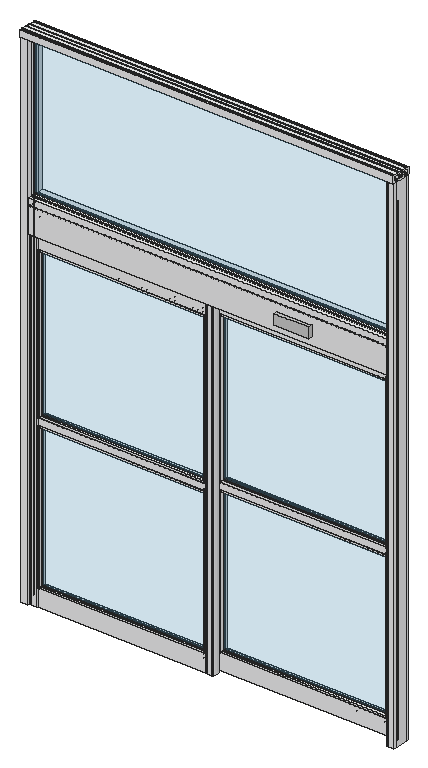
Revit family "2-5-5_Sliding-Door_TX9200SL_Single-RH-Outside-Slide-w-Transom-SX-O_Tormax", category Doors, host Wall, Revit 2026
Family settings
  Host = Wall
  Classification Number = 23.30.10.00
  Always vertical = Yes
  Cut with Voids When Loaded = No
  Shared = No
  Room Calculation Point = No
Parameters (values of type "8'-0" Package Width")
  Width = 8' - 0"
  URL = "https://www.tormaxusa.com"
  Thickness = 0' - 4 1/2"  # constant formula
  Specification = "https://www.arcat.com/company/tormax-usa-inc-43969/spec"
  Rough Width = Width + 0' 0 1/2"  # 8' - 0 1/2"
  Rough Height = Height + 0' 0 1/4"  # 11' - 0 1/4"
  Product Page URL = "https://www.arcat.com/arcatcos/cos43/arc43969.html"
  Model = "TX9200SL"
  Manufacturer = "Tormax"
  Keynote = "08 42 29"
  Height = 11' - 0"  # constant formula
  Glass = Glass - Tormax
  Frame Projection Ext. = 0' - 0"
  Frame Projection Int. = 0' - 0"
  Frame Width = 0' - 0"
  Wall Closure = By host
  Door Width = Width / 2 - 0' 1 3/4" + 0' 1 5/16"  # 3' - 11 9/16"
  Door Height = Height  # 11' - 0"
  Frame Material = Aluminum - Tormax
  Description = "Single RH Outside Slide Application w/ Transom (SX-O), 8'-0\" Package Width"
  Define Thermal Properties by = Schematic Type
  Copyright = "ARCAT"
  CAD Details = "https://www.arcat.com/company/tormax-usa-inc-43969/cad"
  Analytic Construction = "<None>"
Reference planes (in)
  plane 1 "Center (Front/Back)": y = 0
  plane 2 "Center (Left/Right)": x = 0
  plane 3 "Left": x = -48.25
  plane 4 "Right": x = 48.25
  plane 5 "Top": z = 132.25
  plane 6 "Exterior": y = 3
  plane 7 "Interior": y = -3
  plane 8: x = -1.3125
  plane 9: x = 1.3125
  plane 10: y = -2.25
  plane 11 "4": z = 85.5
  plane 12: x = -48
  plane 13: x = 48
  plane 14: z = 132
  plane 15: y = 2.25
  plane 16: x = -46.24908
  plane 17: x = 46.24908
  plane 18: y = 1.433
  plane 19: y = -0.84
  plane 20: x = 22.46829
  plane 21: z = 92
  plane 22: z = 130.1875
Forms (in)
  Extrusion 1, solid, material "Plastic - Tormax - Grey"
    sketch origin (0, 0, 0) x (1, 0, 0) y (0, 0, 1)
      loop
        line (17.96829, 90.055) -> (17.96829, 87.445) -> (26.96829, 87.445) -> (26.96829, 90.055) -> (17.96829, 90.055)
    from 2.23457 to 3.23457
  Extrusion 2, solid, material "Plastic - Tormax - Grey"
    sketch origin (0, 0, 0) x (1, 0, 0) y (0, 0, 1)
      loop
        line (17.96829, 90.055) -> (17.96829, 87.445) -> (26.96829, 87.445) -> (26.96829, 90.055) -> (17.96829, 90.055)
    from -3.23036 to -2.23036
  Sweep 3, solid, material "Aluminum - Tormax" <- "Frame Material"
    path origin (0, 0, 0) x (1, 0, 0) y (0, 0, 1)
      loop
        line (-46.24908, 85.5) -> (46.24908, 85.5)
    profile origin (0, 0, 85.5) x (0, 0, 1) y (0, -1, 0)
      loop
        line (5.77619, -2.07466) -> (5.99221, -2.07466) -> (5.99221, -1.99751) -> (5.93513, -1.99751)
        arc (5.93513, -1.99751) -> (5.89217, -1.97971) -> (5.87438, -1.93675) r 0.06075
        line (5.87438, -1.93675) -> (5.87438, -1.35631) -> (6.14932, -1.35631) -> (6.14932, -1.4827) -> (6.22817, -1.4827)
        arc (6.22817, -1.4827) -> (6.39719, -1.79317) -> (6.34244, -2.14241) r 0.55026
        line (6.34244, -2.14241) -> (6.29099, -2.1562) -> (6.29099, -1.87738) -> (5.93246, -1.87738)
        arc (5.93246, -1.87738) -> (5.88314, -1.9267) -> (5.93246, -1.97602) r 0.04932
        line (5.93246, -1.97602) -> (6.03008, -1.97602) -> (6.03008, -2.10552) -> (0.40539, -2.10552) -> (0.40539, -1.68048) -> (0.28141, -1.68048) -> (0.28141, -2.23036) -> (6.5, -2.23036) -> (6.5, 1.72592) -> (6.37515, 1.85076) -> (6.37515, 2.08622)
        arc (6.37515, 2.08622) -> (6.39129, 2.10725) -> (6.41577, 2.09711) r 0.02177
        line (6.41577, 2.09711) -> (6.47243, 1.99896)
        arc (6.47243, 1.99896) -> (6.48905, 1.99208) -> (6.5, 2.00635) r 0.01477
        line (6.5, 2.00635) -> (6.5, 2.23457) -> (0, 2.23457) -> (0, -0.04489) -> (-0.21462, -0.04489) -> (-0.21462, -0.08837) -> (-0.15431, -0.08837) -> (-0.15431, -0.15851) -> (-0.48395, -0.15851) -> (-0.48395, -0.08837) -> (-0.42504, -0.08837) -> (-0.42504, -0.04489) -> (-0.62422, -0.04489) -> (-0.62422, -0.45028) -> (-0.42504, -0.45028) -> (-0.42504, -0.4068) -> (-0.48395, -0.4068) -> (-0.48395, -0.33666) -> (-0.15431, -0.33666) -> (-0.15431, -0.4068) -> (-0.21462, -0.4068) -> (-0.21462, -0.45028) -> (-0.01964, -0.45028) -> (-0.01964, -0.28897) -> (0.23145, -0.28897) -> (0.23145, -0.84785) -> (0.34867, -1.03258)
        arc (0.34867, -1.03258) -> (0.36443, -1.03854) -> (0.37455, -1.02507) r 0.01403
        line (0.37455, -1.02507) -> (0.37455, -0.21669)
        arc (0.37455, -0.21669) -> (0.40392, -0.14579) -> (0.47481, -0.11643) r 0.10026
        line (0.47481, -0.11643) -> (0.59196, -0.11643) -> (0.59196, -0.23145) -> (0.89635, -0.23145) -> (0.89635, -0.1529) -> (0.76309, -0.1529) -> (0.76309, -0.01262) -> (0.8697, -0.01262) -> (0.8697, 0.06867) -> (1.19934, 0.06867) -> (1.19934, -0.01262) -> (1.30595, -0.01262) -> (1.30595, -0.1529) -> (1.17269, -0.1529) -> (1.17269, -0.23145) -> (1.36206, -0.23145) -> (1.43332, -0.07864)
        arc (1.43332, -0.07864) -> (1.6158, 0.06179) -> (1.83569, -0.00654) r 0.25
        line (1.83569, -0.00654) -> (1.96422, -0.13365)
        arc (1.96422, -0.13365) -> (1.99627, -0.15695) -> (2.0338, -0.16963) r 0.13141
        line (2.0338, -0.16963) -> (2.11423, -0.18382)
        arc (2.11423, -0.18382) -> (2.2005, -0.23362) -> (2.23457, -0.32723) r 0.14562
        line (2.23457, -0.32723) -> (2.23457, -0.9202) -> (2.38466, -0.9202) -> (2.38466, 0.06733) -> (2.28156, 0.17043) -> (2.22615, 0.11502) -> (2.32086, 0.02032) -> (2.22127, -0.07928) -> (2.14619, -0.00421) -> (2.08868, -0.06172) -> (1.85512, 0.17184) -> (1.91264, 0.22935) -> (1.83689, 0.3051) -> (1.93648, 0.40469) -> (2.03117, 0.31001) -> (2.08658, 0.36541) -> (1.83128, 0.62071) -> (1.9456, 0.73504) -> (1.9456, 1.35354) -> (1.75483, 1.53331) -> (1.75483, 2.06344) -> (5.84651, 2.06344)
        arc (5.84651, 2.06344) -> (5.93664, 2.02611) -> (5.97397, 1.93598) r 0.12746
        line (5.97397, 1.93598) -> (5.97397, 1.7394) -> (6.05393, 1.7394) -> (6.05393, 1.87407) -> (6.1928, 1.87407) -> (6.1928, 1.76475) -> (6.24189, 1.76475) -> (6.24189, 1.43623) -> (6.1928, 1.43623) -> (6.1928, 1.3298) -> (6.05393, 1.3298) -> (6.05393, 1.46306) -> (5.97397, 1.46306) -> (5.97397, 1.25125) -> (6.27276, 1.25125) -> (6.27276, 1.32981)
        arc (6.27276, 1.32981) -> (6.30151, 1.35856) -> (6.33027, 1.32981) r 0.02876
        line (6.33027, 1.32981) -> (6.33027, 0.99434)
        arc (6.33027, 0.99434) -> (6.30151, 0.96559) -> (6.27276, 0.99434) r 0.02876
        line (6.27276, 0.99434) -> (6.27276, 1.0731) -> (5.97397, 1.0731) -> (5.97397, 0.85988) -> (6.05393, 0.85988) -> (6.05393, 0.99314) -> (6.1928, 0.99314) -> (6.1928, 0.88653) -> (6.33027, 0.88653) -> (6.33027, 0.55689) -> (6.1928, 0.55689) -> (6.1928, 0.45028) -> (6.05393, 0.45028) -> (6.05393, 0.58354) -> (5.97397, 0.58354) -> (5.97397, 0.37032) -> (6.27276, 0.37032) -> (6.27276, 0.44908)
        arc (6.27276, 0.44908) -> (6.30151, 0.47783) -> (6.33027, 0.44908) r 0.02876
        line (6.33027, 0.44908) -> (6.33027, 0.11503)
        arc (6.33027, 0.11503) -> (6.30151, 0.08627) -> (6.27276, 0.11503) r 0.02876
        line (6.27276, 0.11503) -> (6.27276, 0.19378) -> (5.97397, 0.19378) -> (5.97397, -0.01944) -> (6.05393, -0.01944) -> (6.05393, 0.11382) -> (6.1928, 0.11382) -> (6.1928, 0.00721) -> (6.33027, 0.00721) -> (6.33027, -0.32403) -> (6.1928, -0.32403) -> (6.1928, -0.42995) -> (6.05393, -0.42995) -> (6.05393, -0.29669) -> (5.97397, -0.29669) -> (5.97397, -0.53164) -> (6.03429, -0.53164) -> (6.03429, -0.64246) -> (6.11284, -0.64246) -> (6.11284, -0.53164) -> (6.25171, -0.53164) -> (6.25171, -1.15867) -> (6.06795, -1.15867) -> (6.03942, -1.11939) -> (5.97397, -1.11939) -> (5.97397, -1.1664)
        arc (5.97397, -1.1664) -> (5.95775, -1.20557) -> (5.91858, -1.22179) r 0.05539
        line (5.91858, -1.22179) -> (5.77619, -1.22179) -> (5.77619, -2.07466)
      loop
        line (0.07995, 1.86565) -> (0.07995, 0.39978) -> (0.26091, 0.39978) -> (0.26091, 0.28335) -> (0.3058, 0.2539) -> (0.3058, 0.03421) -> (0.47711, 0.03365) -> (0.7408, 0.21838) -> (1.4982, 0.21838) -> (1.69036, 0.25479) -> (1.69036, 0.66367) -> (1.33962, 0.66367) -> (1.33962, 0.89776) -> (1.41957, 0.89776) -> (1.41957, 0.76309) -> (1.55985, 0.76309) -> (1.55985, 0.8711) -> (1.75062, 0.8711) -> (1.75062, 1.20075) -> (1.55985, 1.20075) -> (1.55985, 1.30735) -> (1.41957, 1.30735) -> (1.41957, 1.17409) -> (1.33962, 1.17409) -> (1.33962, 1.38773) -> (1.5851, 1.38773) -> (1.5851, 2.06344) -> (0.30619, 2.06344) -> (0.30619, 1.97106) -> (0.26091, 1.94734) -> (0.26091, 1.86565) -> (0.07995, 1.86565)
      loop
        line (0.00561, -2.10973) -> (0.00561, -1.55985) -> (2.37204, -1.55985)
        arc (2.37204, -1.55985) -> (2.41952, -1.67959) -> (2.53701, -1.73239) r 0.17128
        line (2.53701, -1.73239) -> (2.78024, -1.73239) -> (2.78024, -1.49813) -> (2.70028, -1.49813) -> (2.70028, -1.63279) -> (2.56141, -1.63279) -> (2.56141, -1.52478) -> (2.46883, -1.52478) -> (2.46883, -1.19514) -> (2.56141, -1.19514) -> (2.56141, -1.08853) -> (2.70028, -1.08853) -> (2.70028, -1.22179) -> (2.78024, -1.22179) -> (2.78024, -0.98753) -> (2.53714, -0.98753)
        arc (2.53714, -0.98753) -> (2.41956, -1.04028) -> (2.37204, -1.16007) r 0.17128
        line (2.37204, -1.16007) -> (0.00631, -1.16007) -> (0.00631, -0.61019) -> (-0.98473, -0.61019) -> (-0.98473, -1.53213)
        arc (-0.98473, -1.53213) -> (-0.9181, -1.59876) -> (-0.85147, -1.53213) r 0.06663
        line (-0.85147, -1.53213) -> (-0.85147, -1.2004)
        arc (-0.85147, -1.2004) -> (-0.77362, -1.12255) -> (-0.69577, -1.2004) r 0.07785
        line (-0.69577, -1.2004) -> (-0.69577, -1.68329) -> (-0.67052, -1.92596) -> (-0.67052, -2.10973) -> (0.00561, -2.10973)
  Sweep 4, solid, material "Aluminum - Tormax" <- "Frame Material"
    path origin (0, 0, 0) x (1, 0, 0) y (0, 0, 1)
      loop
        line (-48, 92) -> (-48, 0)
    profile origin (-48, 0, 46) x (0, -1, 0) y (1, 0, 0)
      loop
        line (-0.57123, 1.42631) -> (-0.50727, 1.42631) -> (-0.50727, 1.69246) -> (0.50727, 1.69246) -> (0.50727, 1.42631) -> (0.57123, 1.42631) -> (0.57123, 1.69246) -> (0.72205, 1.69246) -> (0.72205, 1.75092) -> (-0.72205, 1.75092) -> (-0.72205, 1.69246) -> (-0.57123, 1.69246) -> (-0.57123, 1.42631)
      loop
        line (-0.57123, 94.57369) -> (-0.57123, 94.30754) -> (-0.72205, 94.30754) -> (-0.72205, 94.24908) -> (0.72205, 94.24908) -> (0.72205, 94.30754) -> (0.57123, 94.30754) -> (0.57123, 94.57369) -> (0.50727, 94.57369) -> (0.50727, 94.30754) -> (-0.50727, 94.30754) -> (-0.50727, 94.57369) -> (-0.57123, 94.57369)
  Sweep 5, solid, material "Aluminum - Tormax" <- "Frame Material"
    path origin (0, 0, 0) x (-1, 0, 0) y (0, 0, -1)
      loop
        line (-48, -130.1875) -> (-48, 0)
    profile origin (48, 0, 65.09375) x (0, -1, 0) y (1, 0, 0)
      loop
        line (-2.25, 0) -> (-2.25, -1.75092) -> (-0.85868, -1.75092) -> (-0.85868, -1.49159) -> (-0.72205, -1.49159) -> (-0.72205, -1.65835) -> (-0.65809, -1.65835) -> (-0.65809, -1.42631) -> (-0.75647, -1.42631) -> (-0.75647, -0.88221)
        arc (-0.75647, -0.88221) -> (-0.72688, -0.81077) -> (-0.65544, -0.78118) r 0.10104
        line (-0.65544, -0.78118) -> (0.6608, -0.78118)
        arc (0.6608, -0.78118) -> (0.72992, -0.80981) -> (0.75855, -0.87892) r 0.09775
        line (0.75855, -0.87892) -> (0.75855, -1.42631) -> (0.66591, -1.42631) -> (0.66591, -1.6564) -> (0.72205, -1.6564) -> (0.72205, -1.49159) -> (0.85905, -1.49159) -> (0.85905, -1.75092) -> (2.25, -1.75092) -> (2.25, 0) -> (1.80734, 0) -> (1.80734, -0.11322) -> (1.70714, -0.11322)
        arc (1.70714, -0.11322) -> (1.69848, -0.15137) -> (1.71377, -0.18738) r 0.06366
        line (1.71377, -0.18738) -> (1.81808, -0.18738)
        arc (1.81808, -0.18738) -> (1.86945, -0.1699) -> (1.89951, -0.12472) r 0.08425
        line (1.89951, -0.12472) -> (2.12383, -0.12472) -> (2.12383, -1.62444) -> (1.01125, -1.62444)
        arc (1.01125, -1.62444) -> (0.97912, -1.49036) -> (0.88344, -1.39109) r 0.2623
        line (0.88344, -1.39109) -> (0.88344, -0.87134)
        arc (0.88344, -0.87134) -> (0.82039, -0.71912) -> (0.66817, -0.65607) r 0.21527
        line (0.66817, -0.65607) -> (-0.66261, -0.65607)
        arc (-0.66261, -0.65607) -> (-0.81729, -0.72014) -> (-0.88136, -0.87481) r 0.21875
        line (-0.88136, -0.87481) -> (-0.88136, -1.38986)
        arc (-0.88136, -1.38986) -> (-0.97854, -1.4893) -> (-1.01125, -1.62444) r 0.2623
        line (-1.01125, -1.62444) -> (-2.12383, -1.62444) -> (-2.12383, -0.12472) -> (-1.89951, -0.12472)
        arc (-1.89951, -0.12472) -> (-1.86945, -0.1699) -> (-1.81808, -0.18738) r 0.08425
        line (-1.81808, -0.18738) -> (-1.70596, -0.18738)
        arc (-1.70596, -0.18738) -> (-1.69067, -0.15137) -> (-1.69933, -0.11322) r 0.06366
        line (-1.69933, -0.11322) -> (-1.81515, -0.11322) -> (-1.81515, 0) -> (-2.25, 0)
      loop
        line (-1.77192, 0) -> (-1.77192, -0.07235) -> (-1.60504, -0.07235) -> (-1.60504, -0.18932) -> (-1.6607, -0.18932) -> (-1.59241, -0.37695)
        arc (-1.59241, -0.37695) -> (-1.54664, -0.39829) -> (-1.52529, -0.35252) r 0.03571
        line (-1.52529, -0.35252) -> (-1.57291, -0.22167) -> (-1.53738, -0.20277) -> (-1.53738, -0.07235) -> (0.55418, -0.07235) -> (0.55418, -0.55414) -> (0.63819, -0.55414) -> (0.63819, -0.07235) -> (1.53738, -0.07235) -> (1.53738, -0.20277) -> (1.57291, -0.22167) -> (1.52529, -0.35252)
        arc (1.52529, -0.35252) -> (1.54664, -0.39829) -> (1.59241, -0.37695) r 0.03571
        line (1.59241, -0.37695) -> (1.6607, -0.18932) -> (1.60504, -0.18932) -> (1.60504, -0.07235) -> (1.76565, -0.07235) -> (1.76565, 0) -> (-1.77192, 0)
      loop
        line (-2.25, -96) -> (-1.81515, -96) -> (-1.81515, -95.88678) -> (-1.69933, -95.88678)
        arc (-1.69933, -95.88678) -> (-1.69067, -95.84863) -> (-1.70596, -95.81262) r 0.06366
        line (-1.70596, -95.81262) -> (-1.81808, -95.81262)
        arc (-1.81808, -95.81262) -> (-1.86945, -95.8301) -> (-1.89951, -95.87528) r 0.08425
        line (-1.89951, -95.87528) -> (-2.12383, -95.87528) -> (-2.12383, -94.37556) -> (-1.01125, -94.37556)
        arc (-1.01125, -94.37556) -> (-0.97854, -94.5107) -> (-0.88136, -94.61014) r 0.2623
        line (-0.88136, -94.61014) -> (-0.88136, -95.12519)
        arc (-0.88136, -95.12519) -> (-0.81729, -95.27986) -> (-0.66261, -95.34393) r 0.21875
        line (-0.66261, -95.34393) -> (0.66817, -95.34393)
        arc (0.66817, -95.34393) -> (0.82039, -95.28088) -> (0.88344, -95.12866) r 0.21527
        line (0.88344, -95.12866) -> (0.88344, -94.60891)
        arc (0.88344, -94.60891) -> (0.97912, -94.50964) -> (1.01125, -94.37556) r 0.2623
        line (1.01125, -94.37556) -> (2.12383, -94.37556) -> (2.12383, -95.87528) -> (1.89951, -95.87528)
        arc (1.89951, -95.87528) -> (1.86945, -95.8301) -> (1.81808, -95.81262) r 0.08425
        line (1.81808, -95.81262) -> (1.71377, -95.81262)
        arc (1.71377, -95.81262) -> (1.69848, -95.84863) -> (1.70714, -95.88678) r 0.06366
        line (1.70714, -95.88678) -> (1.80734, -95.88678) -> (1.80734, -96) -> (2.25, -96) -> (2.25, -94.24908) -> (0.85905, -94.24908) -> (0.85905, -94.50841) -> (0.72205, -94.50841) -> (0.72205, -94.3436) -> (0.66591, -94.3436) -> (0.66591, -94.57369) -> (0.75855, -94.57369) -> (0.75855, -95.12108)
        arc (0.75855, -95.12108) -> (0.72992, -95.19019) -> (0.6608, -95.21882) r 0.09775
        line (0.6608, -95.21882) -> (-0.65544, -95.21882)
        arc (-0.65544, -95.21882) -> (-0.72688, -95.18923) -> (-0.75647, -95.11779) r 0.10104
        line (-0.75647, -95.11779) -> (-0.75647, -94.57369) -> (-0.65809, -94.57369) -> (-0.65809, -94.34165) -> (-0.72205, -94.34165) -> (-0.72205, -94.50841) -> (-0.85868, -94.50841) -> (-0.85868, -94.24908) -> (-2.25, -94.24908) -> (-2.25, -96)
      loop
        line (-1.77192, -96) -> (1.76565, -96) -> (1.76565, -95.92765) -> (1.60504, -95.92765) -> (1.60504, -95.81068) -> (1.6607, -95.81068) -> (1.59241, -95.62305)
        arc (1.59241, -95.62305) -> (1.54664, -95.60171) -> (1.52529, -95.64748) r 0.03571
        line (1.52529, -95.64748) -> (1.57291, -95.77833) -> (1.53738, -95.79723) -> (1.53738, -95.92765) -> (0.63819, -95.92765) -> (0.63819, -95.44586) -> (0.55418, -95.44586) -> (0.55418, -95.92765) -> (-1.53738, -95.92765) -> (-1.53738, -95.79723) -> (-1.57291, -95.77833) -> (-1.52529, -95.64748)
        arc (-1.52529, -95.64748) -> (-1.54664, -95.60171) -> (-1.59241, -95.62305) r 0.03571
        line (-1.59241, -95.62305) -> (-1.6607, -95.81068) -> (-1.60504, -95.81068) -> (-1.60504, -95.92765) -> (-1.77192, -95.92765) -> (-1.77192, -96)
  Sweep 6, solid, material "Aluminum - Tormax" <- "Frame Material"
    path origin (0, 0, 0) x (1, 0, 0) y (0, 0, 1)
      loop
        line (-46.24908, 85.5) -> (46.24908, 85.5)
    profile origin (0, 0, 85.5) x (0, 0, 1) y (0, -1, 0)
      loop
        line (6.5, 2.23457) -> (6.5, 2.00635)
        arc (6.5, 2.00635) -> (6.48905, 1.99208) -> (6.47243, 1.99896) r 0.01477
        line (6.47243, 1.99896) -> (6.41577, 2.09711)
        arc (6.41577, 2.09711) -> (6.39129, 2.10725) -> (6.37515, 2.08622) r 0.02177
        line (6.37515, 2.08622) -> (6.37515, 1.93279) -> (6.5, 1.80795) -> (6.5, -2.23457) -> (8.25016, -2.23457) -> (8.25016, -0.91) -> (8.28253, -0.89192) -> (8.38177, -0.13464) -> (8.42963, -0.06635)
        arc (8.42963, -0.06635) -> (8.4235, -0.03153) -> (8.38868, -0.03765) r 0.025
        line (8.38868, -0.03765) -> (8.27631, -0.198) -> (8.01611, -0.198) -> (8.11017, -0.10524)
        arc (8.11017, -0.10524) -> (8.11036, -0.07696) -> (8.08208, -0.07676) r 0.02
        line (8.08208, -0.07676) -> (7.98196, -0.1755) -> (7.93041, -0.4768) -> (7.80443, -0.5574) -> (7.84777, -0.70193)
        arc (7.84777, -0.70193) -> (7.88086, -0.723) -> (7.9065, -0.69331) r 0.03
        line (7.9065, -0.69331) -> (7.9065, -0.6575) -> (7.94166, -0.6575) -> (7.94166, -0.75425) -> (7.37471, -1.29239) -> (7.37471, -1.04856) -> (7.04734, -1.04856) -> (7.04734, -0.56198) -> (7.37563, -0.56198) -> (7.37563, 0.7666) -> (7.94166, 0.7666) -> (7.94166, 0.6575) -> (7.9065, 0.6575) -> (7.9065, 0.69331)
        arc (7.9065, 0.69331) -> (7.88086, 0.723) -> (7.84777, 0.70193) r 0.03
        line (7.84777, 0.70193) -> (7.80443, 0.5574) -> (7.93041, 0.4768) -> (7.98196, 0.1755) -> (8.08208, 0.07676)
        arc (8.08208, 0.07676) -> (8.11036, 0.07696) -> (8.11017, 0.10524) r 0.02
        line (8.11017, 0.10524) -> (8.01611, 0.198) -> (8.27631, 0.198) -> (8.38868, 0.03765)
        arc (8.38868, 0.03765) -> (8.4235, 0.03153) -> (8.42963, 0.06635) r 0.025
        line (8.42963, 0.06635) -> (8.38177, 0.13464) -> (8.28253, 0.89192) -> (8.25016, 0.91) -> (8.25016, 2.23457) -> (6.5, 2.23457)
      loop
        line (8.12516, 0.98853) -> (8.12516, 2.10957) -> (6.625, 2.10957) -> (6.625, 0.89208) -> (7.91768, 0.89208) -> (8.01405, 0.98853) -> (8.12516, 0.98853)
      loop
        line (7.25063, 0.7666) -> (6.625, 0.7666) -> (6.625, -0.43698) -> (7.25063, -0.43698) -> (7.25063, 0.7666)
      loop
        line (6.625, -2.10957) -> (7.09364, -2.10957) -> (7.09364, -1.39649) -> (6.92148, -1.39649) -> (6.92148, -0.56198) -> (6.625, -0.56198) -> (6.625, -2.10957)
      loop
        line (7.21864, -2.17246) -> (8.20004, -2.17246) -> (8.20004, -0.91763) -> (8.05686, -0.91763) -> (7.95226, -0.81302) -> (7.41137, -1.32644) -> (7.21864, -1.32644) -> (7.21864, -2.17246)
  Extrusion 7, solid, material "Glass - Tormax" <- "Glass"
    sketch origin (23.20157, -2.34162, 0.125) x (-0.819152, -0.573576, 0) y (0.573576, -0.819152, 0)
      loop
        line (55.62944, -41.96334) -> (55.77283, -41.75855) -> (-20.30441, 11.5113) -> (-20.4478, 11.30652) -> (55.62944, -41.96334)
    from 93.25016 to 130.5
  Sweep 8, solid, material "Aluminum - Tormax" <- "Frame Material"
    path origin (0, 0, 0) x (1, 0, 0) y (0, 0, 1)
      loop
        line (-48, 85.5) -> (48, 85.5)
    profile origin (0, 0, 85.5) x (0, 0, 1) y (0, -1, 0)
      loop
        line (46.42, -2.47) -> (46.42, -1.97) -> (46.5, -1.97) -> (46.5, -1.89) -> (46.42, -1.89) -> (46.42, -0.58) -> (46.5, -0.58) -> (46.5, -0.5) -> (46.42, -0.5) -> (46.42, 0.5) -> (46.5, 0.5) -> (46.5, 0.58) -> (46.42, 0.58) -> (46.42, 1.89) -> (46.5, 1.89) -> (46.5, 1.97) -> (46.42, 1.97) -> (46.42, 2.47) -> (44.6875, 2.47) -> (44.6875, 0.91) -> (44.65513, 0.89192) -> (44.55589, 0.13464) -> (44.50803, 0.06635)
        arc (44.50803, 0.06635) -> (44.51415, 0.03153) -> (44.54897, 0.03765) r 0.025
        line (44.54897, 0.03765) -> (44.66134, 0.198) -> (44.92155, 0.198) -> (44.82749, 0.10524)
        arc (44.82749, 0.10524) -> (44.82729, 0.07696) -> (44.85558, 0.07676) r 0.02
        line (44.85558, 0.07676) -> (44.95569, 0.1755) -> (45.00724, 0.4768) -> (45.13323, 0.5574) -> (45.08989, 0.70193)
        arc (45.08989, 0.70193) -> (45.0568, 0.723) -> (45.03115, 0.69331) r 0.03
        line (45.03115, 0.69331) -> (45.03115, 0.6575) -> (44.996, 0.6575) -> (44.996, 0.75751) -> (45.715, 0.75751) -> (45.715, -0.75751) -> (44.996, -0.75751) -> (44.996, -0.6575) -> (45.03115, -0.6575) -> (45.03115, -0.69331)
        arc (45.03115, -0.69331) -> (45.0568, -0.723) -> (45.08989, -0.70193) r 0.03
        line (45.08989, -0.70193) -> (45.13323, -0.5574) -> (45.00724, -0.4768) -> (44.95569, -0.1755) -> (44.85558, -0.07676)
        arc (44.85558, -0.07676) -> (44.82729, -0.07696) -> (44.82749, -0.10524) r 0.02
        line (44.82749, -0.10524) -> (44.92155, -0.198) -> (44.66134, -0.198) -> (44.54897, -0.03765)
        arc (44.54897, -0.03765) -> (44.51415, -0.03153) -> (44.50803, -0.06635) r 0.025
        line (44.50803, -0.06635) -> (44.55589, -0.13464) -> (44.65513, -0.89192) -> (44.6875, -0.91) -> (44.6875, -2.47) -> (46.42, -2.47)
      loop
        line (44.9375, -2.345) -> (46.295, -2.345) -> (46.295, 2.345) -> (44.9375, 2.345) -> (44.9375, 2.25) -> (44.81793, 2.25) -> (45.0705, 2.15805)
        arc (45.0705, 2.15805) -> (45.09142, 2.11319) -> (45.04656, 2.09227) r 0.035
        line (45.04656, 2.09227) -> (44.9318, 2.13309) -> (44.7675, 2.13309) -> (44.7675, 0.93545) -> (44.90522, 0.93545) -> (45.00308, 0.83751) -> (45.795, 0.83751) -> (45.795, -0.83751) -> (45.00308, -0.83751) -> (44.90522, -0.93545) -> (44.7675, -0.93545) -> (44.7675, -2.13309) -> (44.9318, -2.13309) -> (45.04656, -2.09227)
        arc (45.04656, -2.09227) -> (45.09142, -2.11319) -> (45.0705, -2.15805) r 0.035
        line (45.0705, -2.15805) -> (44.81793, -2.25) -> (44.9375, -2.25) -> (44.9375, -2.345)
  Sweep 9, solid, material "Aluminum - Tormax" <- "Frame Material"
    path origin (0, 0, 0) x (1, 0, 0) y (0, 0, 1)
      loop
        line (46.24908, 92) -> (46.24908, 130.1875)
    profile origin (46.24908, 0, 111.09375) x (-1, 0, 0) y (0, -1, 0)
      loop
        line (92.49816, -0.91) -> (92.49816, -0.6575) -> (92.84181, -0.6575) -> (92.84181, -0.69331)
        arc (92.84181, -0.69331) -> (92.86746, -0.723) -> (92.90055, -0.70193) r 0.03
        line (92.90055, -0.70193) -> (92.94388, -0.5574) -> (92.8179, -0.4768) -> (92.76635, -0.1755) -> (92.66623, -0.07676)
        arc (92.66623, -0.07676) -> (92.63795, -0.07696) -> (92.63815, -0.10524) r 0.02
        line (92.63815, -0.10524) -> (92.7322, -0.198) -> (92.472, -0.198) -> (92.35963, -0.03765)
        arc (92.35963, -0.03765) -> (92.32481, -0.03153) -> (92.31868, -0.06635) r 0.025
        line (92.31868, -0.06635) -> (92.36654, -0.13464) -> (92.46579, -0.89192) -> (92.49816, -0.91)
      loop
        line (92.49816, 0.6575) -> (92.49816, 0.91) -> (92.46579, 0.89192) -> (92.36654, 0.13464) -> (92.31868, 0.06635)
        arc (92.31868, 0.06635) -> (92.32481, 0.03153) -> (92.35963, 0.03765) r 0.025
        line (92.35963, 0.03765) -> (92.472, 0.198) -> (92.7322, 0.198) -> (92.63815, 0.10524)
        arc (92.63815, 0.10524) -> (92.63795, 0.07696) -> (92.66623, 0.07676) r 0.02
        line (92.66623, 0.07676) -> (92.76635, 0.1755) -> (92.8179, 0.4768) -> (92.94388, 0.5574) -> (92.90055, 0.70193)
        arc (92.90055, 0.70193) -> (92.86746, 0.723) -> (92.84181, 0.69331) r 0.03
        line (92.84181, 0.69331) -> (92.84181, 0.6575) -> (92.49816, 0.6575)
      loop
        line (0, -0.91) -> (0.03237, -0.89192) -> (0.13161, -0.13464) -> (0.17947, -0.06635)
        arc (0.17947, -0.06635) -> (0.17335, -0.03153) -> (0.13853, -0.03765) r 0.025
        line (0.13853, -0.03765) -> (0.02616, -0.198) -> (-0.23405, -0.198) -> (-0.13999, -0.10524)
        arc (-0.13999, -0.10524) -> (-0.13979, -0.07696) -> (-0.16808, -0.07676) r 0.02
        line (-0.16808, -0.07676) -> (-0.26819, -0.1755) -> (-0.31974, -0.4768) -> (-0.44573, -0.5574) -> (-0.40239, -0.70193)
        arc (-0.40239, -0.70193) -> (-0.3693, -0.723) -> (-0.34365, -0.69331) r 0.03
        line (-0.34365, -0.69331) -> (-0.34365, -0.6575) -> (0, -0.6575) -> (0, -0.91)
      loop
        line (0, 0.6575) -> (-0.34365, 0.6575) -> (-0.34365, 0.69331)
        arc (-0.34365, 0.69331) -> (-0.3693, 0.723) -> (-0.40239, 0.70193) r 0.03
        line (-0.40239, 0.70193) -> (-0.44573, 0.5574) -> (-0.31974, 0.4768) -> (-0.26819, 0.1755) -> (-0.16808, 0.07676)
        arc (-0.16808, 0.07676) -> (-0.13979, 0.07696) -> (-0.13999, 0.10524) r 0.02
        line (-0.13999, 0.10524) -> (-0.23405, 0.198) -> (0.02616, 0.198) -> (0.13853, 0.03765)
        arc (0.13853, 0.03765) -> (0.17335, 0.03153) -> (0.17947, 0.06635) r 0.025
        line (0.17947, 0.06635) -> (0.13161, 0.13464) -> (0.03237, 0.89192) -> (0, 0.91) -> (0, 0.6575)
Lines and regions (in)
  Opening 1
    outline origin (-90, -3, 0) x (1, 0, 0) y (0, 0, 1)
      loop
        line (41.75, 0) -> (138.25, 0) -> (138.25, 132.25) -> (41.75, 132.25) -> (41.75, 0)
  symbolic lines
    curve 1: line (19.46829, 6.25114, 0) -> (20.76733, 7.00114, 0)
    curve 2: line (19.46829, 6.25114, 0) -> (20.76733, 5.50114, 0)
    curve 5: line (19.46829, 6.25114, 0) -> (22.46829, 6.25114, 0)
    curve 6: line (22.46829, 6.25114, 0) -> (25.46829, 6.25114, 0)
    curve 9: line (19.46829, 0, 48.75) -> (20.76733, 0, 49.5)
    curve 10: line (19.46829, 0, 48.75) -> (20.76733, 0, 48)
    curve 11: line (19.46829, 0, 48.75) -> (22.46829, 0, 48.75)
    curve 12: line (22.46829, 0, 48.75) -> (25.46829, 0, 48.75)
    curve 17: arc (-48.25, 2.25, 0) -> (-48.125, 2.20201, 0) -> (-48, 2.25, 0) r 0.1868
    curve 18: arc (-48.25, -2.25, 0) -> (-48.125, -2.20201, 0) -> (-48, -2.25, 0) r 0.1868
    curve 19: arc (48.25, 2.25, 0) -> (48.125, 2.20201, 0) -> (48, 2.25, 0) r 0.1868
    curve 20: arc (48.25, -2.25, 0) -> (48.125, -2.20201, 0) -> (48, -2.25, 0) r 0.1868
    curve 21: arc (0, -2.25, 132.25) -> (0, -2.20222, 132.125) -> (0, -2.25, 132) r 0.18739
    curve 22: arc (0, 2.25, 132.25) -> (0, 2.20222, 132.125) -> (0, 2.25, 132) r 0.18739
  symbolic lines, not visible
    curve 3: line (-27.55636, -4.55425, 0) -> (-26.25733, -3.80425, 0)
    curve 4: line (-27.55636, -4.55425, 0) -> (-26.25733, -5.30425, 0)
    curve 7: line (-27.55636, -4.55425, 0) -> (-24.55636, -4.55425, 0)
    curve 8: line (-24.55636, -4.55425, 0) -> (-21.55636, -4.55425, 0)
    curve 13: line (22.54055, 0, 51.7829) -> (23.83959, 0, 52.5329)
    curve 14: line (22.54055, 0, 51.7829) -> (23.83959, 0, 51.0329)
    curve 15: line (22.54055, 0, 51.7829) -> (25.54055, 0, 51.7829)
    curve 16: line (25.54055, 0, 51.7829) -> (28.54055, 0, 51.7829)
Text (in)
  text "Exterior" at (-113.21489, 18.10183, 0), in view "Ref. Level"
  text "Interior" at (-113.21489, -11.36704, 0), in view "Ref. Level"
  text "Exterior" at (0, 40.15149, 123.01588), in view "Right"
  text "Interior" at (0, -64.39139, 123.01588), in view "Right"
  text "Interior" at (0, -31.01599, 123.00693), in view "Left"
  text "Exterior" at (0, 54.57065, 123.00693), in view "Left"
Dimensions and locks (in)
  "Rough Height": host wall to plane 5 "Top"
  equal spacing: plane 3 "Left", plane 2 "Center (Left/Right)", plane 4 "Right"
  "Rough Width": plane 3 "Left" to plane 4 "Right"
  equal spacing: plane 12, plane 2 "Center (Left/Right)", plane 13
  "Width": plane 12 to plane 13
  "Door Height": plane 14 to level
  plane 14 to plane 11 "4" = 3' - 10 1/2"
  locked: plane 11 "4" to level at 85.5
  locked: plane 12 to plane 16 at 1.75092
  locked: plane 17 to plane 13 at 1.75092
  equal spacing: plane 8, plane 2 "Center (Left/Right)", plane 9
  locked: plane 8 to plane 9 at 2.625
  plane 2 "Center (Left/Right)" to plane 9 = 0' - 1 5/16"
  locked: plane 10 to plane 19 at 1.41
  locked: plane 18 to plane 15 at 0.817
  locked: plane 15 to curve 6 at 4.00114
  Extrusion 1 sketch curve to plane 20 to Extrusion 1 sketch curve = 0' - 4 1/2" locked, 0' - 4 1/2" locked
  Extrusion 1 sketch curve to Extrusion 1 sketch curve to plane 11 "4" = 0' - 2.61" locked, 0' - 1.945" locked
  equal spacing: plane 8, plane 20, plane 17
  Extrusion 2 sketch curve to Extrusion 2 sketch curve = 0' - 9"
  locked: Extrusion 2 sketch curve to Extrusion 2 sketch curve at 2.61
  Extrusion 1 to plane 10 = 0' - 0.98457"
  plane 15 to Extrusion 2 = 0' - 0.98036"
  locked: Extrusion 1 to plane 10 at 0.98457
  locked: plane 15 to Extrusion 2 at 0.98036
  locked: plane 11 "4" to Sweep 3 sketch curve at 6.5  (x2)
  locked: plane 21 to level at 92
  locked: Extrusion 7 sketch curve to plane 16 at 0.1875
  locked: plane 17 to Extrusion 7 sketch curve at 0.1875
  locked: Extrusion 7 to plane 21 at 1.37516
  locked: plane 14 to Extrusion 7 at 1.375
  plane 21 to plane 11 "4" = 0' - 6 1/2"
  locked: plane 22 to plane 14 at 1.8125
  equal spacing: Extrusion 7 sketch curve, plane 1 "Center (Front/Back)", Extrusion 7 sketch curve
  locked: Extrusion 7 sketch curve to Extrusion 7 sketch curve at 0.25
  aligned and locked: Opening 1 sketch curve to level
  aligned and locked: plane 6 "Exterior" to host wall
  aligned and locked: plane 7 "Interior" to host wall
  aligned and locked: Opening 1 sketch curve to plane 3 "Left"
  aligned and locked: Opening 1 sketch curve to plane 4 "Right"
  aligned and locked: plane 5 "Top" to Opening 1 sketch curve
  aligned and locked: nested 1 to plane 16
  aligned and locked: nested 2 to plane 8
  aligned and locked: plane 3 "Left" to curve 17
  aligned and locked: plane 15 to curve 17  (x2)
  aligned and locked: plane 12 to curve 17
  aligned and locked: plane 10 to curve 18  (x2)
  aligned and locked: plane 12 to curve 18
  aligned and locked: plane 3 "Left" to curve 18
  aligned and locked: plane 13 to curve 19
  aligned and locked: plane 4 "Right" to curve 19
  aligned and locked: plane 15 to curve 19  (x2)
  aligned and locked: plane 10 to curve 20  (x2)
  aligned and locked: plane 13 to curve 20
  aligned and locked: plane 4 "Right" to curve 20
  aligned and locked: plane 5 "Top" to curve 21
  aligned and locked: plane 14 to curve 21
  aligned and locked: plane 10 to curve 21  (x2)
  aligned and locked: plane 5 "Top" to curve 22
  aligned and locked: plane 15 to curve 22  (x2)
  aligned and locked: plane 14 to curve 22
  aligned and locked: plane 20 to curve 12
  aligned and locked: plane 20 to curve 6
  aligned and locked: plane 11 "4" to Sweep 3 sketch curve  (x2)
  aligned and locked: Sweep 4 sketch curve to plane 16
  aligned and locked: plane 13 to Sweep 5 sketch curve  (x3)
  aligned and locked: plane 17 to Sweep 5 sketch curve  (x2)
  aligned and locked: plane 10 to Sweep 5 sketch curve
  aligned and locked: Sweep 5 sketch curve to plane 15
  aligned and locked: Sweep 5 sketch curve to plane 13
  aligned and locked: plane 11 "4" to Sweep 6 sketch curve
  aligned and locked: plane 12 to Sweep 5 sketch curve  (x2)
  aligned and locked: Sweep 5 sketch curve to plane 10
  aligned and locked: Sweep 5 sketch curve to plane 16  (x2)
  aligned and locked: plane 15 to Sweep 5 sketch curve
  aligned and locked: plane 17 to Sweep 4 sketch curve
  aligned and locked: plane 22 to Sweep 5 sketch curve
  aligned and locked: Sweep 8 sketch curve to plane 22
  aligned and locked: plane 22 to Sweep 8 sketch curve
  aligned and locked: plane 13 to Sweep 8 sketch curve
  aligned and locked: Sweep 8 sketch curve to plane 11 "4"
  aligned and locked: plane 12 to Sweep 8 sketch curve
  aligned and locked: plane 21 to Sweep 4 sketch curve
  aligned and locked: Sweep 9 sketch curve to plane 17
  aligned and locked: plane 21 to Sweep 9 sketch curve
  aligned and locked: plane 22 to Sweep 9 sketch curve
  aligned and locked: Sweep 9 sketch curve to plane 16  (x2)
  aligned and locked: plane 17 to Sweep 9 sketch curve  (x2)
Automatic sketch dimensions
  curve 1 to curve 2 = 0' - 0"
  curve 2 to curve 5 = 0' - 1.70096"
  curve 2 to curve 1 = 0' - 1 1/2"
  curve 1 to curve 6 = 0' - 3"
  curve 5 to curve 6 = 0' - 3"
  curve 2 to curve 1 = 0' - 0 3/4"
  curve 3 to curve 4 = 0' - 0"
  curve 4 to curve 7 = 0' - 1.70096"
  curve 4 to curve 3 = 0' - 1 1/2"
  curve 3 to curve 8 = 0' - 3"
  curve 7 to curve 8 = 0' - 3"
  curve 4 to curve 3 = 0' - 0 3/4"
  plane 10 to curve 18 = 0' - 0.13881"
  plane 10 to curve 20 = 0' - 0.13881"
  curve 19 to plane 15 = 0' - 0.13881"
  curve 17 to plane 15 = 0' - 0.13881"
  plane 10 to curve 21 = 0' - 0.1396"
  curve 22 to plane 15 = 0' - 0.1396"
  Extrusion 2 sketch curve to plane 11 "4" = 0' - 1.945"
  plane 20 to Extrusion 2 sketch curve = 0' - 4 1/2"
  Sweep 3 sketch curve to plane 16 = 0' - 0"
  plane 17 to Sweep 3 sketch curve = 0' - 0"
  profile plane to Sweep 3 sketch curve = 0' - 0.01964"
  profile plane to Sweep 3 sketch curve = 0' - 0.15431"
  Sweep 3 sketch curve to Sweep 3 sketch curve = 0' - 0.13466"  (x3)
  Sweep 3 sketch curve to Sweep 3 sketch curve = 0' - 0.06032"  (x3)
  Sweep 3 sketch curve to plane 1 "Center (Front/Back)" = 0' - 0.04489"  (x2)
  Sweep 3 sketch curve to Sweep 3 sketch curve = 0' - 0.21041"  (x2)
  Sweep 3 sketch curve to Sweep 3 sketch curve = 0' - 0.05891"  (x2)
  Sweep 3 sketch curve to Sweep 3 sketch curve = 0' - 0.14027"
  profile plane to Sweep 3 sketch curve = 0' - 0.67052"
  profile plane to Sweep 3 sketch curve = 0' - 0.69577"
  Sweep 3 sketch curve to Sweep 3 sketch curve = 0' - 0.07785"
  Sweep 3 sketch curve to Sweep 3 sketch curve = 0' - 0.06663"
  Sweep 3 sketch curve to profile plane = 0' - 0.00561"
  Sweep 3 sketch curve to profile plane = 0' - 0.00631"
  Sweep 3 sketch curve to profile plane = 0' - 0.07995"  (x2)
  Sweep 3 sketch curve to profile plane = 0' - 0.23145"
  Sweep 3 sketch curve to Sweep 3 sketch curve = 0' - 0.18095"  (x2)
  Sweep 3 sketch curve to profile plane = 0' - 0.28141"
  Sweep 3 sketch curve to Sweep 3 sketch curve = 0' - 0.04489"
  Sweep 3 sketch curve to Sweep 3 sketch curve = 0' - 0.04528"
  Sweep 3 sketch curve to Sweep 3 sketch curve = 0' - 0.11722"
  Sweep 3 sketch curve to Sweep 3 sketch curve = 0' - 0.01185"
  Sweep 3 sketch curve to Sweep 3 sketch curve = 0' - 0.1431"
  Sweep 3 sketch curve to Sweep 3 sketch curve = 0' - 0.12398"
  Sweep 3 sketch curve to Sweep 3 sketch curve = 0' - 0.10026"
  plane 1 "Center (Front/Back)" to Sweep 3 sketch curve = 0' - 0.03365"
  Sweep 3 sketch curve to Sweep 3 sketch curve = 0' - 0.0023"
  Sweep 3 sketch curve to Sweep 3 sketch curve = 0' - 0.11715"
  plane 1 "Center (Front/Back)" to Sweep 3 sketch curve = 0' - 0.21838"
  Sweep 3 sketch curve to Sweep 3 sketch curve = 0' - 0.26369"
  Sweep 3 sketch curve to plane 1 "Center (Front/Back)" = 0' - 0.01262"  (x2)
  Sweep 3 sketch curve to Sweep 3 sketch curve = 0' - 0.17113"
  Sweep 3 sketch curve to Sweep 3 sketch curve = 0' - 0.10661"  (x5)
  Sweep 3 sketch curve to Sweep 3 sketch curve = 0' - 0.13326"  (x6)
  Sweep 3 sketch curve to Sweep 3 sketch curve = 0' - 0.27634"  (x5)
  plane 1 "Center (Front/Back)" to Sweep 3 sketch curve = 0' - 0.06867"
  Sweep 3 sketch curve to Sweep 3 sketch curve = 0' - 0.02665"  (x4)
  Sweep 3 sketch curve to Sweep 3 sketch curve = 0' - 1.07871"
  Sweep 3 sketch curve to Sweep 3 sketch curve = 0' - 0"  (x11)
  Sweep 3 sketch curve to Sweep 3 sketch curve = 0' - 0.05611"
  Sweep 3 sketch curve to Sweep 3 sketch curve = 0' - 0.07996"  (x16)
  Sweep 3 sketch curve to plane 1 "Center (Front/Back)" = 0' - 0.07864"
  Sweep 3 sketch curve to Sweep 3 sketch curve = 0' - 0.12737"
  Sweep 3 sketch curve to Sweep 3 sketch curve = 0' - 0.19224"
  Sweep 3 sketch curve to Sweep 3 sketch curve = 0' - 0.14028"  (x2)
  Sweep 3 sketch curve to Sweep 3 sketch curve = 0' - 0.02525"
  Sweep 3 sketch curve to Sweep 3 sketch curve = 0' - 0 29/128"
  Sweep 3 sketch curve to Sweep 3 sketch curve = 0' - 0.19216"
  Sweep 3 sketch curve to Sweep 3 sketch curve = 0' - 0.19077"
  Sweep 3 sketch curve to Sweep 3 sketch curve = 0' - 0.16973"
  plane 1 "Center (Front/Back)" to Sweep 3 sketch curve = 0' - 0.62071"
  Sweep 3 sketch curve to Sweep 3 sketch curve = 0' - 0.14093"
  Sweep 3 sketch curve to plane 1 "Center (Front/Back)" = 0' - 0.00654"
  Sweep 3 sketch curve to Sweep 3 sketch curve = 0' - 0 45/256"
  Sweep 3 sketch curve to Sweep 3 sketch curve = 0' - 0.14653"
  plane 1 "Center (Front/Back)" to Sweep 3 sketch curve = 0' - 0.17184"
  Sweep 3 sketch curve to Sweep 3 sketch curve = 0' - 0.01823"
  plane 1 "Center (Front/Back)" to Sweep 3 sketch curve = 0' - 0.22935"
  Sweep 3 sketch curve to Sweep 3 sketch curve = 0' - 0.05751"
  plane 1 "Center (Front/Back)" to Sweep 3 sketch curve = 0' - 0.40469"
  Sweep 3 sketch curve to Sweep 3 sketch curve = 0' - 0.19498"
  Sweep 3 sketch curve to plane 1 "Center (Front/Back)" = 0' - 0.13365"
  Sweep 3 sketch curve to Sweep 3 sketch curve = 0' - 0.12852"
  plane 1 "Center (Front/Back)" to Sweep 3 sketch curve = 0' - 0.31001"
  Sweep 3 sketch curve to plane 1 "Center (Front/Back)" = 0' - 0.16963"
  Sweep 3 sketch curve to Sweep 3 sketch curve = 0' - 0.06959"
  Sweep 3 sketch curve to plane 1 "Center (Front/Back)" = 0' - 0.04022"
  Sweep 3 sketch curve to plane 1 "Center (Front/Back)" = 0' - 0.06172"
  Sweep 3 sketch curve to Sweep 3 sketch curve = 0' - 0.05514"
  Sweep 3 sketch curve to plane 1 "Center (Front/Back)" = 0' - 0.18382"
  Sweep 3 sketch curve to Sweep 3 sketch curve = 0' - 0.08043"
  Sweep 3 sketch curve to plane 1 "Center (Front/Back)" = 0' - 0.00421"
  Sweep 3 sketch curve to plane 1 "Center (Front/Back)" = 0' - 0.07928"
  plane 1 "Center (Front/Back)" to Sweep 3 sketch curve = 0' - 0.11502"
  Sweep 3 sketch curve to Sweep 3 sketch curve = 0' - 0.14562"
  plane 1 "Center (Front/Back)" to Sweep 3 sketch curve = 0' - 0.17043"
  Sweep 3 sketch curve to Sweep 3 sketch curve = 0' - 0.13747"  (x2)
  Sweep 3 sketch curve to Sweep 3 sketch curve = 0' - 0.15009"
  Sweep 3 sketch curve to Sweep 3 sketch curve = 0' - 0.09679"
  Sweep 3 sketch curve to Sweep 3 sketch curve = 0' - 0.06818"
  Sweep 3 sketch curve to Sweep 3 sketch curve = 0' - 0.15248"
  Sweep 3 sketch curve to Sweep 3 sketch curve = 0' - 0.07449"  (x2)
  Sweep 3 sketch curve to Sweep 3 sketch curve = 0' - 0.01809"  (x2)
  Sweep 3 sketch curve to Sweep 3 sketch curve = 0' - 0.13887"  (x8)
  Sweep 3 sketch curve to Sweep 3 sketch curve = 0' - 0.72381"
  Sweep 3 sketch curve to Sweep 3 sketch curve = 0' - 0.65349"
  Sweep 3 sketch curve to Sweep 3 sketch curve = 0' - 0.07881"
  Sweep 3 sketch curve to Sweep 3 sketch curve = 0' - 0.09819"
  Sweep 3 sketch curve to Sweep 3 sketch curve = 0' - 0.1424"
  Sweep 3 sketch curve to Sweep 3 sketch curve = 0' - 0.05808"
  Sweep 3 sketch curve to Sweep 3 sketch curve = 0' - 0.00267"
  Sweep 3 sketch curve to Sweep 3 sketch curve = 0' - 0.05539"
  Sweep 3 sketch curve to Sweep 3 sketch curve = 0' - 0.12746"
  Sweep 3 sketch curve to Sweep 3 sketch curve = 0' - 0.05708"
  Sweep 3 sketch curve to Sweep 3 sketch curve = 0' - 0.03787"
  Sweep 3 sketch curve to plane 1 "Center (Front/Back)" = 0' - 1.11939"
  Sweep 3 sketch curve to Sweep 3 sketch curve = 0' - 0.06545"
  Sweep 3 sketch curve to Sweep 3 sketch curve = 0' - 0.01964"
  Sweep 3 sketch curve to plane 1 "Center (Front/Back)" = 0' - 0.01944"
  Sweep 3 sketch curve to Sweep 3 sketch curve = 0' - 0.02854"
  Sweep 3 sketch curve to Sweep 3 sketch curve = 0' - 0.07855"  (x4)
  Sweep 3 sketch curve to Sweep 3 sketch curve = 0' - 0.08136"
  Sweep 3 sketch curve to Sweep 3 sketch curve = 0' - 0.07885"
  Sweep 3 sketch curve to Sweep 3 sketch curve = 0' - 0.0491"
  Sweep 3 sketch curve to Sweep 3 sketch curve = 0' - 0.05892"
  Sweep 3 sketch curve to Sweep 3 sketch curve = 0' - 0.20901"
  Sweep 3 sketch curve to Sweep 3 sketch curve = 0' - 0.02876"  (x2)
  plane 1 "Center (Front/Back)" to Sweep 3 sketch curve = 0' - 0.00721"
  Sweep 3 sketch curve to plane 1 "Center (Front/Back)" = 0' - 2.14241"
  Sweep 3 sketch curve to Sweep 3 sketch curve = 0' - 0.05145"
  plane 1 "Center (Front/Back)" to Sweep 3 sketch curve = 0' - 1.85076"
  Sweep 3 sketch curve to Sweep 3 sketch curve = 0' - 0.02177"
  plane 1 "Center (Front/Back)" to Sweep 3 sketch curve = 0' - 2.09711"
  Sweep 3 sketch curve to Sweep 3 sketch curve = 0' - 0.01885"
  plane 1 "Center (Front/Back)" to Sweep 3 sketch curve = 0' - 1.99896"
  Sweep 3 sketch curve to Sweep 3 sketch curve = 0' - 0.02757"
  Sweep 3 sketch curve to Sweep 3 sketch curve = 0' - 0.01279"
  Sweep 3 sketch curve to Sweep 3 sketch curve = 0' - 0.08795"
  Sweep 3 sketch curve to Sweep 3 sketch curve = 0' - 0.01379"
  Sweep 3 sketch curve to Sweep 3 sketch curve = 0' - 0.12064"
  Sweep 3 sketch curve to Sweep 3 sketch curve = 0' - 0.12484"
  Sweep 3 sketch curve to Sweep 3 sketch curve = 0' - 0.03086"
  Sweep 3 sketch curve to Sweep 3 sketch curve = 0' - 0.07715"
  Sweep 3 sketch curve to Sweep 3 sketch curve = 0' - 0.02148"
  Sweep 3 sketch curve to Sweep 3 sketch curve = 0' - 0.01005"
  Sweep 3 sketch curve to Sweep 3 sketch curve = 0' - 0.18376"
  Sweep 3 sketch curve to Sweep 3 sketch curve = 0' - 0.04966"
  Sweep 3 sketch curve to Sweep 3 sketch curve = 0' - 1.40516"
  Sweep 3 sketch curve to Sweep 3 sketch curve = 0' - 0.24267"
  Sweep 3 sketch curve to Sweep 3 sketch curve = 0' - 0.42503"
  Sweep 3 sketch curve to Sweep 3 sketch curve = 0' - 0.09959"
  Sweep 3 sketch curve to Sweep 3 sketch curve = 0' - 0.07158"
  Sweep 3 sketch curve to Sweep 3 sketch curve = 0' - 0.15116"
  Sweep 3 sketch curve to Sweep 3 sketch curve = 0' - 0.03644"  (x2)
  Sweep 3 sketch curve to Sweep 3 sketch curve = 0' - 0.12639"
  Sweep 3 sketch curve to Sweep 3 sketch curve = 0' - 0.13452"
  Sweep 3 sketch curve to Sweep 3 sketch curve = 0' - 0.33173"
  Sweep 3 sketch curve to Sweep 3 sketch curve = 0' - 0.39978"
  Sweep 3 sketch curve to Sweep 3 sketch curve = 0' - 0.03928"
  Sweep 3 sketch curve to Sweep 3 sketch curve = 0' - 0.07017"
  Sweep 3 sketch curve to Sweep 3 sketch curve = 0' - 0.12748"
  Sweep 3 sketch curve to Sweep 3 sketch curve = 0' - 0.23987"
  Sweep 3 sketch curve to Sweep 3 sketch curve = 0' - 0.18473"
  Sweep 3 sketch curve to Sweep 3 sketch curve = 0' - 0.47693"
  Sweep 3 sketch curve to Sweep 3 sketch curve = 0' - 0.23766"
  Sweep 3 sketch curve to Sweep 3 sketch curve = 0' - 0.11082"
  Sweep 3 sketch curve to Sweep 3 sketch curve = 0' - 0.15991"
  Sweep 3 sketch curve to Sweep 3 sketch curve = 0' - 0.10169"
  Sweep 3 sketch curve to Sweep 3 sketch curve = 0' - 0.04348"  (x2)
  Sweep 3 sketch curve to Sweep 3 sketch curve = 0' - 0.07014"
  Sweep 3 sketch curve to Sweep 3 sketch curve = 0' - 0.10591"
  Sweep 3 sketch curve to plane 1 "Center (Front/Back)" = 0' - 0.28897"
  Sweep 3 sketch curve to Sweep 3 sketch curve = 0' - 0.21883"
  Sweep 3 sketch curve to Sweep 3 sketch curve = 0' - 0.15281"
  Sweep 3 sketch curve to Sweep 3 sketch curve = 0' - 0.01476"
  Sweep 3 sketch curve to plane 1 "Center (Front/Back)" = 0' - 0.15851"
  Sweep 3 sketch curve to Sweep 3 sketch curve = 0' - 0.04349"
  Sweep 3 sketch curve to plane 1 "Center (Front/Back)" = 0' - 0.08837"
  plane 1 "Center (Front/Back)" to Sweep 3 sketch curve = 0' - 0.03421"
  Sweep 3 sketch curve to Sweep 3 sketch curve = 0' - 0.0012"  (x2)
  Sweep 3 sketch curve to Sweep 3 sketch curve = 0' - 0.21969"
  Sweep 3 sketch curve to Sweep 3 sketch curve = 0' - 0.0503"
  Sweep 3 sketch curve to Sweep 3 sketch curve = 0' - 0.02946"
  Sweep 3 sketch curve to Sweep 3 sketch curve = 0' - 0.17654"
  Sweep 3 sketch curve to Sweep 3 sketch curve = 0' - 0.11643"
  Sweep 3 sketch curve to Sweep 3 sketch curve = 0' - 0.07876"
  Sweep 3 sketch curve to Sweep 3 sketch curve = 0' - 0 11/256"
  Sweep 3 sketch curve to Sweep 3 sketch curve = 0' - 0.09942"
  Sweep 3 sketch curve to Sweep 3 sketch curve = 0' - 0.20743"
  Sweep 3 sketch curve to Sweep 3 sketch curve = 0' - 0.10781"
  Sweep 3 sketch curve to Sweep 3 sketch curve = 0' - 0.17815"
  Sweep 3 sketch curve to Sweep 3 sketch curve = 0' - 0.07856"
  Sweep 3 sketch curve to Sweep 3 sketch curve = 0' - 0.15279"
  Sweep 3 sketch curve to Sweep 3 sketch curve = 0' - 0.08038"
  Sweep 3 sketch curve to Sweep 3 sketch curve = 0' - 0.10643"
  Sweep 3 sketch curve to Sweep 3 sketch curve = 0' - 0.14557"
  Sweep 3 sketch curve to Sweep 3 sketch curve = 0' - 0.12485"
  Sweep 3 sketch curve to Sweep 3 sketch curve = 0' - 0.02535"
  Sweep 3 sketch curve to Sweep 3 sketch curve = 0' - 0.47792"
  Sweep 3 sketch curve to Sweep 3 sketch curve = 0' - 0.13467"
  Sweep 3 sketch curve to Sweep 3 sketch curve = 0' - 0.06191"
  Sweep 3 sketch curve to Sweep 3 sketch curve = 0' - 0.08169"
  Sweep 3 sketch curve to Sweep 3 sketch curve = 0' - 0.02372"
  Sweep 3 sketch curve to Sweep 3 sketch curve = 0' - 0.13746"
  Sweep 4 sketch curve to level = 0' - 0"
  Sweep 4 sketch curve to plane 12 = 0' - 0"
  Sweep 4 sketch curve to plane 1 "Center (Front/Back)" = 0' - 0.72205"  (x2)
  Sweep 4 sketch curve to Sweep 4 sketch curve = 0' - 0.15082"  (x4)
  Sweep 4 sketch curve to Sweep 4 sketch curve = 0' - 0.06396"  (x4)
  plane 1 "Center (Front/Back)" to Sweep 4 sketch curve = 0' - 0.50727"  (x2)
  Sweep 4 sketch curve to Sweep 4 sketch curve = 0' - 0.05846"  (x4)
  Sweep 4 sketch curve to Sweep 4 sketch curve = 0' - 0"  (x2)
  Sweep 4 sketch curve to Sweep 4 sketch curve = 0' - 0.26615"  (x4)
  Sweep 5 sketch curve to level = 0' - 0"
  profile plane to Sweep 5 sketch curve = 0' - 0.12472"  (x2)
  Sweep 5 sketch curve to Sweep 5 sketch curve = 0' - 0.12617"  (x4)
  Sweep 5 sketch curve to Sweep 5 sketch curve = 0' - 0.22432"  (x2)
  Sweep 5 sketch curve to Sweep 5 sketch curve = 0' - 0.08144"  (x4)
  Sweep 5 sketch curve to Sweep 5 sketch curve = 0' - 0.00293"  (x2)
  Sweep 5 sketch curve to Sweep 5 sketch curve = 0' - 0.04323"
  Sweep 5 sketch curve to Sweep 5 sketch curve = 0' - 0.04616"
  Sweep 5 sketch curve to Sweep 5 sketch curve = 0' - 0.06108"  (x2)
  Sweep 5 sketch curve to Sweep 5 sketch curve = 0' - 0.04812"  (x4)
  Sweep 5 sketch curve to Sweep 5 sketch curve = 0' - 0.05475"  (x2)
  Sweep 5 sketch curve to Sweep 5 sketch curve = 0' - 0.04525"  (x2)
  Sweep 5 sketch curve to Sweep 5 sketch curve = 0' - 0.09429"
  Sweep 5 sketch curve to Sweep 5 sketch curve = 0' - 0.05567"  (x3)
  profile plane to Sweep 5 sketch curve = 0' - 0.37695"  (x2)
  Sweep 5 sketch curve to Sweep 5 sketch curve = 0' - 0.01262"  (x2)
  profile plane to Sweep 5 sketch curve = 0' - 0.22167"  (x2)
  Sweep 5 sketch curve to Sweep 5 sketch curve = 0' - 0.03212"  (x2)
  Sweep 5 sketch curve to Sweep 5 sketch curve = 0' - 0.03356"  (x8)
  Sweep 5 sketch curve to Sweep 5 sketch curve = 0' - 0.03554"  (x3)
  Sweep 5 sketch curve to Sweep 5 sketch curve = 0' - 0.06766"  (x3)
  profile plane to Sweep 5 sketch curve = 0' - 0.35252"  (x2)
  Sweep 5 sketch curve to plane 1 "Center (Front/Back)" = 0' - 1.01125"  (x2)
  Sweep 5 sketch curve to Sweep 5 sketch curve = 0' - 0.12989"  (x2)
  Sweep 5 sketch curve to Sweep 5 sketch curve = 0' - 0.02268"  (x2)
  Sweep 5 sketch curve to Sweep 5 sketch curve = 0' - 0.10221"  (x2)
  Sweep 5 sketch curve to Sweep 5 sketch curve = 0' - 0.10961"  (x2)
  Sweep 5 sketch curve to Sweep 5 sketch curve = 0' - 0.02702"  (x4)
  Sweep 5 sketch curve to Sweep 5 sketch curve = 0' - 0.09386"  (x2)
  Sweep 5 sketch curve to Sweep 5 sketch curve = 0' - 0.06396"  (x2)
  Sweep 5 sketch curve to Sweep 5 sketch curve = 0' - 0.00718"  (x2)
  plane 1 "Center (Front/Back)" to Sweep 5 sketch curve = 0' - 0.55418"  (x2)
  profile plane to Sweep 5 sketch curve = 0' - 0.07235"  (x2)
  Sweep 5 sketch curve to Sweep 5 sketch curve = 0' - 0.084"  (x2)
  Sweep 5 sketch curve to Sweep 5 sketch curve = 0' - 0.02262"  (x2)
  plane 1 "Center (Front/Back)" to Sweep 5 sketch curve = 0' - 0.66591"
  Sweep 5 sketch curve to Sweep 5 sketch curve = 0' - 0.0051"
  Sweep 5 sketch curve to Sweep 5 sketch curve = 0' - 0.00737"
  Sweep 5 sketch curve to Sweep 5 sketch curve = 0' - 0.02998"
  Sweep 5 sketch curve to Sweep 5 sketch curve = 0' - 0.05614"  (x2)
  Sweep 5 sketch curve to Sweep 5 sketch curve = 0' - 0.0365"
  Sweep 5 sketch curve to Sweep 5 sketch curve = 0' - 0.09038"
  Sweep 5 sketch curve to Sweep 5 sketch curve = 0' - 0.10049"  (x2)
  Sweep 5 sketch curve to Sweep 5 sketch curve = 0' - 0.137"
  Sweep 5 sketch curve to Sweep 5 sketch curve = 0' - 0.12489"  (x2)
  Sweep 5 sketch curve to Sweep 5 sketch curve = 0' - 0.1522"  (x2)
  Sweep 5 sketch curve to Sweep 5 sketch curve = 0' - 0.72471"  (x2)
  Sweep 5 sketch curve to Sweep 5 sketch curve = 0' - 0.01209"  (x2)
  Sweep 5 sketch curve to Sweep 5 sketch curve = 0' - 0.04643"  (x2)
  Sweep 5 sketch curve to Sweep 5 sketch curve = 0' - 0.05307"  (x2)
  Sweep 5 sketch curve to Sweep 5 sketch curve = 0' - 0.05852"  (x2)
  Sweep 5 sketch curve to Sweep 5 sketch curve = 0' - 0.04545"
  Sweep 5 sketch curve to Sweep 5 sketch curve = 0' - 0.04168"  (x3)
  Sweep 5 sketch curve to Sweep 5 sketch curve = 0' - 0.05619"
  Sweep 5 sketch curve to Sweep 5 sketch curve = 0' - 0.01074"
  Sweep 5 sketch curve to Sweep 5 sketch curve = 0' - 0"  (x3)
  Sweep 5 sketch curve to Sweep 5 sketch curve = 0' - 0.07235"  (x4)
  Sweep 5 sketch curve to Sweep 5 sketch curve = 0' - 0.03079"  (x2)
  Sweep 5 sketch curve to Sweep 5 sketch curve = 0' - 0.01009"  (x2)
  Sweep 5 sketch curve to Sweep 5 sketch curve = 0' - 0.12472"
  Sweep 5 sketch curve to Sweep 5 sketch curve = 0' - 0.02159"
  Sweep 5 sketch curve to Sweep 5 sketch curve = 0' - 0.00194"  (x3)
  Sweep 5 sketch curve to Sweep 5 sketch curve = 0' - 0.01345"  (x2)
  Sweep 5 sketch curve to Sweep 5 sketch curve = 0' - 0.0189"  (x4)
  Sweep 5 sketch curve to Sweep 5 sketch curve = 0' - 0.13085"  (x2)
  Sweep 5 sketch curve to Sweep 5 sketch curve = 0' - 0.01222"  (x2)
  Sweep 5 sketch curve to Sweep 5 sketch curve = 0' - 0.4818"
  Sweep 5 sketch curve to Sweep 5 sketch curve = 0' - 0.30355"
  Sweep 5 sketch curve to Sweep 5 sketch curve = 0' - 0.09364"
  Sweep 5 sketch curve to Sweep 5 sketch curve = 0' - 0.36106"
  Sweep 5 sketch curve to Sweep 5 sketch curve = 0' - 0.35983"
  Sweep 5 sketch curve to Sweep 5 sketch curve = 0' - 0.03522"
  Sweep 5 sketch curve to Sweep 5 sketch curve = 0' - 0.03645"
  Sweep 5 sketch curve to Sweep 5 sketch curve = 0' - 0.10172"  (x2)
  Sweep 5 sketch curve to Sweep 5 sketch curve = 0' - 0.06528"  (x3)
  Sweep 5 sketch curve to Sweep 5 sketch curve = 0' - 0.12477"  (x2)
  Sweep 5 sketch curve to Sweep 5 sketch curve = 0' - 0.04004"  (x2)
  Sweep 5 sketch curve to Sweep 5 sketch curve = 0' - 0.04199"  (x2)
  Sweep 5 sketch curve to Sweep 5 sketch curve = 0' - 0.09257"
  Sweep 5 sketch curve to Sweep 5 sketch curve = 0' - 0.09452"
  Sweep 5 sketch curve to Sweep 5 sketch curve = 0' - 0.12648"  (x2)
  Sweep 5 sketch curve to Sweep 5 sketch curve = 0' - 0.5441"
  Sweep 5 sketch curve to Sweep 5 sketch curve = 0' - 0.0074"
  Sweep 5 sketch curve to Sweep 5 sketch curve = 0' - 0.10192"
  Sweep 5 sketch curve to Sweep 5 sketch curve = 0' - 0.03235"  (x2)
  Sweep 5 sketch curve to Sweep 5 sketch curve = 0' - 0.06266"
  Sweep 6 sketch curve to plane 16 = 0' - 0"
  plane 17 to Sweep 6 sketch curve = 0' - 0"
  plane 1 "Center (Front/Back)" to Sweep 6 sketch curve = 0' - 1.93279"
  Sweep 6 sketch curve to profile plane = 0' - 6.37515"
  Sweep 6 sketch curve to Sweep 6 sketch curve = 0' - 0.02177"
  plane 1 "Center (Front/Back)" to Sweep 6 sketch curve = 0' - 2.09711"
  Sweep 6 sketch curve to Sweep 6 sketch curve = 0' - 0.01885"
  plane 1 "Center (Front/Back)" to Sweep 6 sketch curve = 0' - 1.99896"
  Sweep 6 sketch curve to Sweep 6 sketch curve = 0' - 0.05666"
  Sweep 6 sketch curve to Sweep 6 sketch curve = 0' - 0.01279"
  Sweep 6 sketch curve to Sweep 6 sketch curve = 0' - 0.01477"
  plane 1 "Center (Front/Back)" to Sweep 6 sketch curve = 0' - 1.80795"
  Sweep 6 sketch curve to Sweep 6 sketch curve = 0' - 0.12485"
  Sweep 6 sketch curve to Sweep 6 sketch curve = 0' - 0 1/8"  (x7)
  Sweep 6 sketch curve to Sweep 6 sketch curve = 0' - 0"  (x5)
  Sweep 6 sketch curve to Sweep 6 sketch curve = 0' - 0.29648"
  Sweep 6 sketch curve to Sweep 6 sketch curve = 0' - 0.12586"
  Sweep 6 sketch curve to Sweep 6 sketch curve = 0' - 0.17216"
